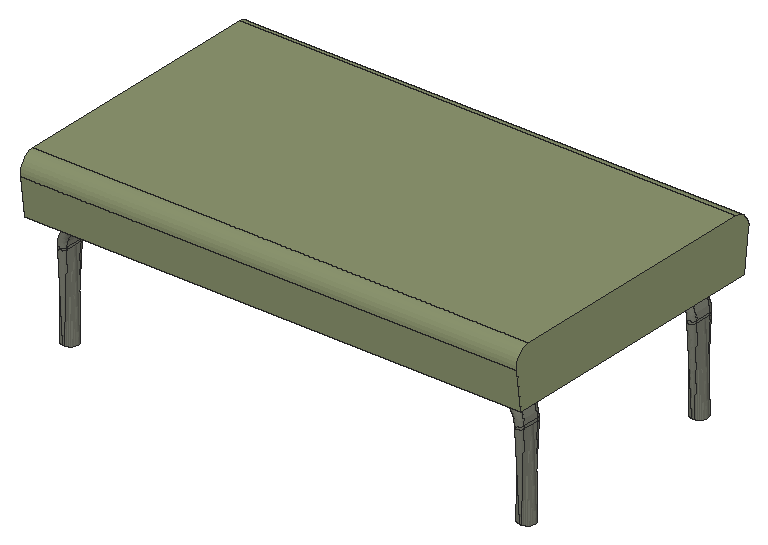
Revit family "FU_Modular_Sandler_Ambit 1070", category Furniture, Revit 2020
Family settings
  OmniClass Number = 23.40.20.00
  OmniClass Title = General Furniture and Specialties
  Work Plane-Based = No
  Always vertical = Yes
  Cut with Voids When Loaded = No
  Shared = No
  Room Calculation Point = No
Parameters (values of type "Ambit 1070")
  Width = 1200 mm
  URL = "https://www.sandlerseating.com/product/ambit-1070/"
  Seat [instance] = Fabric - X2 - Algebra AK005
  Model = "Ambit 1070"
  Manufacturer = "Sandler"
  Height = 430 mm
  Frame [instance] = Metal - Paint -AL VR - Olive Green
  Description = "Bench for modular seating system. Upholstered top with feet in cast aluminium."
  Depth = 700 mm
  Default Elevation = 0 mm
Reference planes
  plane 1 "Center (Front/Back)": y = 0
  plane 2: z = 0
  plane 3 "Center (Left/Right)": x = 0
  plane 4 "Right": x = -600
  plane 5 "Left": x = 600
  plane 6 "Back": y = 350
  plane 7 "Front": y = -350
  plane 8 "Height": z = 430
  plane 9 "Seat base": z = 287.001
  plane 10 "FL C TOP": y = -260.5
  plane 11 "Left Legs FRONT": x = 552.5
  plane 12 "Right Legs FRONT": x = -552.5
  plane 13 "BL C TOP": y = 260.5
Forms (mm)
  Sweep 1, solid, material "Metal - Paint -AL VR - Olive Green" <- "Frame"
    path origin (0, -260.5, 0) x (-1, 0, 0) y (0, 0, 1)
      loop
        line (-552.5, 212) -> (-552.5, 217)
        arc (-552.5, 217) -> (-534.926, 259.426) -> (-492.5, 277) r 60
        line (-492.5, 277) -> (492.5, 277)
        arc (492.5, 277) -> (534.926, 259.426) -> (552.5, 217) r 60
        line (552.5, 217) -> (552.5, 212)
    profile "Pro_Ambit_FF : Pro_Ambit_FF" origin (0, -260.5, 277) x (0, 0, 1) y (0, 1, 0)
      loop
        arc (-10, -20.066) -> (0, -30.066) -> (10, -20.066) r 10
        line (10, -20.066) -> (10, 20.066)
        arc (10, 20.066) -> (0, 30.066) -> (-10, 20.066) r 10
        line (-10, 20.066) -> (-10, -20.066)
  SweptBlend 2, solid, material "Metal - Paint -AL VR - Olive Green" <- "Frame"
    path origin (0, -260.5, 0) x (-1, 0, 0) y (0, 0, 1)
      loop
        line (552.5, 0) -> (552.5, 212)
    profile "Pro_Ambit_FFoot : Pro_Ambit_FFoot" origin (-552.5, -260.5, 0) x (1, 0, 0) y (0, 1, 0)
      loop
        arc (-3.305, 17.452) -> (-20.142, 0) -> (-3.305, -17.452) r 17.463
        line (-3.305, -17.452) -> (3.305, -17.452)
        arc (3.305, -17.452) -> (20.142, 0) -> (3.305, 17.452) r 17.463
        line (3.305, 17.452) -> (-3.305, 17.452)
    end profile "Pro_Ambit_FF : Pro_Ambit_FF" origin (-552.5, -260.5, 212) x (1, 0, 0) y (0, 1, 0)
      loop
        arc (-10, -20.066) -> (0, -30.066) -> (10, -20.066) r 10
        line (10, -20.066) -> (10, 20.066)
        arc (10, 20.066) -> (0, 30.066) -> (-10, 20.066) r 10
        line (-10, 20.066) -> (-10, -20.066)
  SweptBlend 3, solid, material "Metal - Paint -AL VR - Olive Green" <- "Frame"
    path origin (0, -260.5, 0) x (1, 0, 0) y (0, 0, 1)
      loop
        line (552.5, 0) -> (552.5, 212)
    profile "Pro_Ambit_FFoot : Pro_Ambit_FFoot" origin (552.5, -260.5, 0) x (1, 0, 0) y (0, 1, 0)
      loop
        line (-3.305, -17.452) -> (3.305, -17.452)
        arc (3.305, -17.452) -> (20.142, 0) -> (3.305, 17.452) r 17.463
        line (3.305, 17.452) -> (-3.305, 17.452)
        arc (-3.305, 17.452) -> (-20.142, 0) -> (-3.305, -17.452) r 17.463
    end profile "Pro_Ambit_FF : Pro_Ambit_FF" origin (552.5, -260.5, 212) x (1, 0, 0) y (0, 1, 0)
      loop
        line (-10, 20.066) -> (-10, -20.066)
        arc (-10, -20.066) -> (0, -30.066) -> (10, -20.066) r 10
        line (10, -20.066) -> (10, 20.066)
        arc (10, 20.066) -> (0, 30.066) -> (-10, 20.066) r 10
  Sweep 4, solid, material "Metal - Paint -AL VR - Olive Green" <- "Frame"
    path origin (0, 260.5, 0) x (-1, 0, 0) y (0, 0, 1)
      loop
        line (-552.5, 212) -> (-552.5, 217)
        arc (-552.5, 217) -> (-534.926, 259.426) -> (-492.5, 277) r 60
        line (-492.5, 277) -> (492.5, 277)
        arc (492.5, 277) -> (534.926, 259.426) -> (552.5, 217) r 60
        line (552.5, 217) -> (552.5, 212)
    profile "Pro_Ambit_FF : Pro_Ambit_FF" origin (0, 260.5, 277) x (0, 0, -1) y (0, -1, 0)
      loop
        line (-10, 20.066) -> (-10, -20.066)
        arc (-10, -20.066) -> (0, -30.066) -> (10, -20.066) r 10
        line (10, -20.066) -> (10, 20.066)
        arc (10, 20.066) -> (0, 30.066) -> (-10, 20.066) r 10
  SweptBlend 5, solid, material "Metal - Paint -AL VR - Olive Green" <- "Frame"
    path origin (0, 260.5, 0) x (-1, 0, 0) y (0, 0, 1)
      loop
        line (552.5, 0) -> (552.5, 212)
    profile "Pro_Ambit_FFoot : Pro_Ambit_FFoot" origin (-552.5, 260.5, 0) x (-1, 0, 0) y (0, -1, 0)
      loop
        line (-3.305, -17.452) -> (3.305, -17.452)
        arc (3.305, -17.452) -> (20.142, 0) -> (3.305, 17.452) r 17.463
        line (3.305, 17.452) -> (-3.305, 17.452)
        arc (-3.305, 17.452) -> (-20.142, 0) -> (-3.305, -17.452) r 17.463
    end profile "Pro_Ambit_FF : Pro_Ambit_FF" origin (-552.5, 260.5, 212) x (-1, 0, 0) y (0, -1, 0)
      loop
        line (-10, 20.066) -> (-10, -20.066)
        arc (-10, -20.066) -> (0, -30.066) -> (10, -20.066) r 10
        line (10, -20.066) -> (10, 20.066)
        arc (10, 20.066) -> (0, 30.066) -> (-10, 20.066) r 10
  SweptBlend 6, solid, material "Metal - Paint -AL VR - Olive Green" <- "Frame"
    path origin (0, 260.5, 0) x (-1, 0, 0) y (0, 0, 1)
      loop
        line (-552.5, 0) -> (-552.5, 212)
    profile "Pro_Ambit_FFoot : Pro_Ambit_FFoot" origin (552.5, 260.5, 0) x (-1, 0, 0) y (0, -1, 0)
      loop
        arc (-3.305, 17.452) -> (-20.142, 0) -> (-3.305, -17.452) r 17.463
        line (-3.305, -17.452) -> (3.305, -17.452)
        arc (3.305, -17.452) -> (20.142, 0) -> (3.305, 17.452) r 17.463
        line (3.305, 17.452) -> (-3.305, 17.452)
    end profile "Pro_Ambit_FF : Pro_Ambit_FF" origin (552.5, 260.5, 212) x (-1, 0, 0) y (0, -1, 0)
      loop
        arc (-10, -20.066) -> (0, -30.066) -> (10, -20.066) r 10
        line (10, -20.066) -> (10, 20.066)
        arc (10, 20.066) -> (0, 30.066) -> (-10, 20.066) r 10
        line (-10, 20.066) -> (-10, -20.066)
  Extrusion 7, solid, material "Fabric - X2 - Algebra AK005" <- "Seat"
    sketch origin (600, 0, 0) x (0, -1, 0) y (0, 0, 1)
      loop
        arc (312.42, 425.592) -> (0.079, 433.294) -> (-312.263, 425.597) r 6339.008
        arc (-312.263, 425.597) -> (-341.07, 411.194) -> (-349.923, 380.227) r 40
        line (-349.923, 380.227) -> (-337.177, 287.001) -> (337.5, 287.001) -> (350.089, 380.291)
        arc (350.089, 380.291) -> (341.205, 411.215) -> (312.42, 425.592) r 40
    from 0 to 1200
Dimensions and locks
  equal spacing: plane 4 "Right", plane 3 "Center (Left/Right)", plane 5 "Left"
  "Width": plane 4 "Right" to plane 5 "Left"
  equal spacing: plane 6 "Back", plane 1 "Center (Front/Back)", plane 7 "Front"
  "Depth": plane 6 "Back" to plane 7 "Front"
  "Height": plane 8 "Height" to level
  plane 8 "Height" to plane 9 "Seat base" = 142.999 mm
  locked: plane 6 "Back" to plane 13 "BL C TOP" at 89.5
  locked: plane 10 "FL C TOP" to plane 7 "Front" at 89.5
  locked: plane 4 "Right" to plane 12 "Right Legs FRONT" at 47.5
  locked: plane 11 "Left Legs FRONT" to plane 5 "Left" at 47.5
  aligned and locked: level to plane 2
  aligned and locked: Extrusion 7 to plane 5 "Left"
  aligned and locked: plane 4 "Right" to Extrusion 7
  aligned and locked: plane 5 "Left" to Extrusion 7
Automatic sketch dimensions
  plane 11 "Left Legs FRONT" to Sweep 1 sketch curve = 0 mm
  Sweep 1 sketch curve to plane 12 "Right Legs FRONT" = 0 mm
  Sweep 1 sketch curve to plane 9 "Seat base" = 10 mm
  plane 11 "Left Legs FRONT" to Sweep 1 sketch curve = 60 mm
  plane 12 "Right Legs FRONT" to Sweep 1 sketch curve = 60 mm
  Sweep 1 sketch curve to Sweep 1 sketch curve = 5 mm  (x2)
  SweptBlend 2 sketch curve to plane 12 "Right Legs FRONT" = 0 mm
  SweptBlend 2 sketch curve to level = 0 mm
  SweptBlend 2 sketch curve to plane 9 "Seat base" = 75 mm
  plane 11 "Left Legs FRONT" to SweptBlend 3 sketch curve = 0 mm
  SweptBlend 3 sketch curve to level = 0 mm
  plane 9 "Seat base" to SweptBlend 3 sketch curve = 75 mm
  plane 11 "Left Legs FRONT" to Sweep 4 sketch curve = 0 mm
  Sweep 4 sketch curve to plane 12 "Right Legs FRONT" = 0 mm
  plane 9 "Seat base" to Sweep 4 sketch curve = 10 mm
  Sweep 4 sketch curve to plane 11 "Left Legs FRONT" = 60 mm
  Sweep 4 sketch curve to plane 12 "Right Legs FRONT" = 60 mm
  Sweep 4 sketch curve to Sweep 4 sketch curve = 5 mm  (x2)
  SweptBlend 5 sketch curve to plane 12 "Right Legs FRONT" = 0 mm
  SweptBlend 5 sketch curve to level = 0 mm
  plane 9 "Seat base" to SweptBlend 5 sketch curve = 75 mm
  plane 11 "Left Legs FRONT" to SweptBlend 6 sketch curve = 0 mm
  SweptBlend 6 sketch curve to level = 0 mm
  plane 9 "Seat base" to SweptBlend 6 sketch curve = 75 mm
  Extrusion 7 sketch curve to plane 6 "Back" = 0.077 mm
  Extrusion 7 sketch curve to plane 9 "Seat base" = 0 mm
  Extrusion 7 sketch curve to plane 7 "Front" = 0.089 mm
  Extrusion 7 sketch curve to plane 6 "Back" = 12.823 mm
  Extrusion 7 sketch curve to plane 6 "Back" = 39.708 mm
  plane 1 "Center (Front/Back)" to Extrusion 7 sketch curve = 0.025 mm
  plane 7 "Front" to Extrusion 7 sketch curve = 39.551 mm
  plane 7 "Front" to Extrusion 7 sketch curve = 12.5 mm
  Extrusion 7 sketch curve to level = 5905.714 mm
  Extrusion 7 sketch curve to plane 8 "Height" = 44.36 mm
  Extrusion 7 sketch curve to Extrusion 7 sketch curve = 5.419 mm
  Extrusion 7 sketch curve to Extrusion 7 sketch curve = 0 mm
  Extrusion 7 sketch curve to plane 8 "Height" = 4.408 mm
  plane 7 "Front" to Extrusion 7 sketch curve = 37.58 mm
